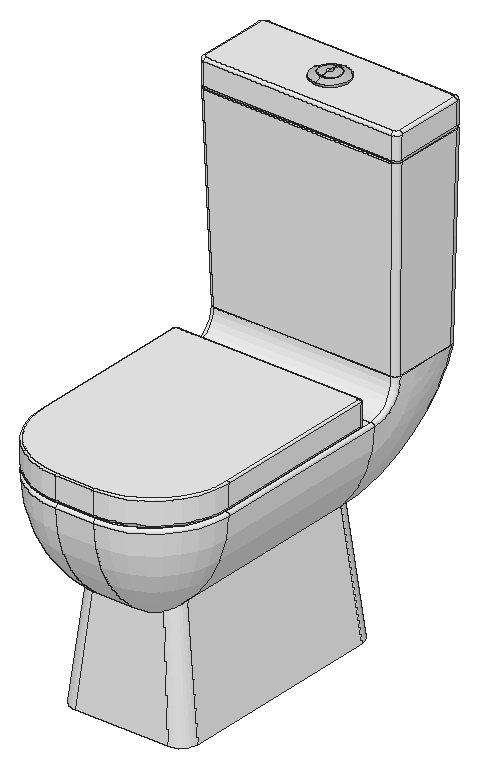
Revit family
Parameters
  Width = 358 mm  # constant formula
  Waste Connection Radius = Waste Connection Diameter / 2  # 51 mm
  Waste Connection = 1 = 1  # yes
  Vent Connection = 1 = 0  # no
  URL = "www.vaalsan.co.za"
  Seat Finish = Plastic-Vaal-White
  Product Code = "773862WH"
  Omniclass Title = "Water Operated Water Closets"
  Omniclass Number = "23.45.05.21.11.11"
  Model = "Concorde 2 Close Coupled Suite"
  Manufacturer = "Vaal Sanitaryware"  # constant formula
  Length = 645 mm  # constant formula
  Height of Pan = 393 mm  # constant formula
  Height = 845 mm  # constant formula
  HW Connection = 1 = 0  # no
  Family created by = "www.rbuiltcomponents.com"
  Cold Water Connection Diameter = 10 mm  # constant formula
  Waste Connection Diameter = 102 mm  # constant formula
  Clearance From Wall = 10 mm
  CW Connection Radius = Cold Water Connection Diameter / 2  # 5 mm
  CW Connection = 1 = 1  # yes
  Body Finish = Vitreous China-Vaal-White
  Assembly Code = "D2010110"
Reference planes
  plane 1 "Back": y = 0
  plane 2 "Bottom": z = 0
  plane 3 "Center (Left/Right)": x = 0
  plane 4: x = -179
  plane 5: x = 179
  plane 6 "Top": z = 845
  plane 7 "Pan Top": z = 393
  plane 8: x = 112.5
  plane 9: x = -112.5
  plane 10 "WC Back": y = -10
  plane 11 "Front": y = -655
  plane 12: y = -550
  plane 13: y = -153
Forms (mm)
  Blend 1, solid, material "Vitreous China-Vaal-White" <- "Body Finish"
    base sketch origin (0, 0, 0) x (1, 0, 0) y (0, 1, 0)
      loop
        arc (-82.5, -121.5) -> (-103.713, -130.287) -> (-112.5, -151.5) r 30
        line (-112.5, -151.5) -> (-112.5, -520)
        arc (-112.5, -520) -> (-103.713, -541.213) -> (-82.5, -550) r 30
        line (-82.5, -550) -> (82.5, -550)
        arc (82.5, -550) -> (103.713, -541.213) -> (112.5, -520) r 30
        line (112.5, -520) -> (112.5, -151.5)
        arc (112.5, -151.5) -> (103.713, -130.287) -> (82.5, -121.5) r 30
        line (82.5, -121.5) -> (-82.5, -121.5)
    top sketch origin (0, 0, 0) x (1, 0, 0) y (0, 1, 0)
      loop
        arc (-61, -139.5) -> (-78.678, -146.822) -> (-86, -164.5) r 25
        line (-86, -164.5) -> (-86, -508)
        arc (-86, -508) -> (-78.678, -525.678) -> (-61, -533) r 25
        line (-61, -533) -> (61, -533)
        arc (61, -533) -> (78.678, -525.678) -> (86, -508) r 25
        line (86, -508) -> (86, -164.5)
        arc (86, -164.5) -> (78.678, -146.822) -> (61, -139.5) r 25
        line (61, -139.5) -> (-61, -139.5)
    from 0 to 220
  Sweep 2, solid, material "Vitreous China-Vaal-White" <- "Body Finish"
    path origin (0, 0, 393) x (-1, 0, 0) y (0, -1, 0)
      loop
        line (169, 193) -> (169, 520)
        arc (169, 520) -> (129.459, 615.459) -> (34, 655) r 135
        line (34, 655) -> (-34, 655)
        arc (-34, 655) -> (-129.459, 615.459) -> (-169, 520) r 135
        line (-169, 520) -> (-169, 193)
    profile origin (0, -655, 393) x (0, 1, 0) y (0, 0, 1)
      loop
        arc (0.051, -5.889) -> (34.539, -120.321) -> (123.081, -200.599) r 223.393
        line (123.081, -200.599) -> (131.146, -182.265)
        arc (131.146, -182.265) -> (49.738, -106.887) -> (20, 0) r 203.393
        line (20, 0) -> (5.812, 0)
        arc (5.812, 0) -> (1.693, -1.733) -> (0.051, -5.889) r 5.762
  SweptBlend 3, solid, material "Vitreous China-Vaal-White" <- "Body Finish"
    path origin (0, 0, 0) x (0, 1, 0) y (0, 0, 1)
      loop
        arc (-193, 393) -> (-157.645, 407.645) -> (-143, 443) r 50
    profile origin (0, -193, 393) x (0, 0, 1) y (1, 0, 0)
      loop
        arc (-177.373, 82.702) -> (-186.756, 65.344) -> (-190, 45.881) r 60
        line (-190, 45.881) -> (-190, -45.881)
        arc (-190, -45.881) -> (-186.756, -65.344) -> (-177.373, -82.702) r 60
        arc (-177.373, -82.702) -> (-101.366, -145.183) -> (-5.889, -168.949) r 223.393
        arc (-5.889, -168.949) -> (-1.733, -167.307) -> (0, -163.188) r 5.762
        line (0, -163.188) -> (0, 163.188)
        arc (0, 163.188) -> (-1.733, 167.307) -> (-5.889, 168.949) r 5.762
        arc (-5.889, 168.949) -> (-101.366, 145.183) -> (-177.373, 82.702) r 223.393
    end profile origin (0, -143, 443) x (0, -1, 0) y (1, 0, 0)
      loop
        line (0, -158.95) -> (0, 158.95)
        arc (0, 158.95) -> (-2.929, 166.021) -> (-10, 168.95) r 10
        line (-10, 168.95) -> (-123, 168.95)
        arc (-123, 168.95) -> (-130.071, 166.021) -> (-133, 158.95) r 10
        line (-133, 158.95) -> (-133, -158.95)
        arc (-133, -158.95) -> (-130.071, -166.021) -> (-123, -168.95) r 10
        line (-123, -168.95) -> (-10, -168.95)
        arc (-10, -168.95) -> (-2.929, -166.021) -> (0, -158.95) r 10
  Extrusion 4, solid, material "Vitreous China-Vaal-White" <- "Body Finish"
    sketch origin (0, 0, 393) x (-1, 0, 0) y (0, -1, 0)
      loop
        line (149, 193.007) -> (149, 243.007) -> (-149, 243.007) -> (-149, 193.007) -> (149, 193.007)
    from 0 to -20
  Blend 5, solid, material "Vitreous China-Vaal-White" <- "Body Finish"
    base sketch origin (0, 0, 393) x (-1, 0, 0) y (0, -1, 0)
      loop
        line (168.95, 20) -> (168.95, 133)
        arc (168.95, 133) -> (166.021, 140.071) -> (158.95, 143) r 10.001
        line (158.95, 143) -> (-158.95, 143)
        arc (-158.95, 143) -> (-166.021, 140.071) -> (-168.95, 133) r 10.001
        line (-168.95, 133) -> (-168.95, 20)
        arc (-168.95, 20) -> (-166.021, 12.929) -> (-158.95, 10) r 10
        line (-158.95, 10) -> (158.95, 10)
        arc (158.95, 10) -> (166.021, 12.929) -> (168.95, 20) r 10
    top sketch origin (0, 0, 393) x (-1, 0, 0) y (0, -1, 0)
      loop
        arc (169, 10) -> (176.071, 12.929) -> (179, 20) r 10
        line (179, 20) -> (179, 143)
        arc (179, 143) -> (176.071, 150.071) -> (169, 153) r 10
        line (169, 153) -> (-169, 153)
        arc (-169, 153) -> (-176.071, 150.071) -> (-179, 143) r 10
        line (-179, 143) -> (-179, 20)
        arc (-179, 20) -> (-176.071, 12.929) -> (-169, 10) r 10
        line (-169, 10) -> (169, 10)
    from 52 to 402
  Extrusion 6, solid, material "Vitreous China-Vaal-White" <- "Body Finish"
    sketch origin (0, 0, 845) x (-1, 0, 0) y (0, -1, 0)
      loop
        arc (169, 10) -> (176.071, 12.929) -> (179, 20) r 10
        line (179, 20) -> (179, 143)
        arc (179, 143) -> (176.071, 150.071) -> (169, 153) r 10
        line (169, 153) -> (-169, 153)
        arc (-169, 153) -> (-176.071, 150.071) -> (-179, 143) r 10
        line (-179, 143) -> (-179, 20)
        arc (-179, 20) -> (-176.071, 12.929) -> (-169, 10) r 10
        line (-169, 10) -> (169, 10)
    from 0 to -50
  Sweep 7, void
    path in 3D
      loop
        arc (-169, -10, 845) -> (-176.071, -12.929, 845) -> (-179, -20, 845) r 10
        line (-179, -20, 845) -> (-179, -143, 845)
        arc (-179, -143, 845) -> (-176.071, -150.071, 845) -> (-169, -153, 845) r 10
        line (-169, -153, 845) -> (169, -153, 845)
        arc (169, -153, 845) -> (176.071, -150.071, 845) -> (179, -143, 845) r 10
        line (179, -143, 845) -> (179, -20, 845)
        arc (179, -20, 845) -> (176.071, -12.929, 845) -> (169, -10, 845) r 10
        line (169, -10, 845) -> (-169, -10, 845)
    profile origin (0, -10, 845) x (0, -1, 0) y (0, 0, 1)
      loop
        line (5, 0) -> (-5, 0) -> (-5, -50) -> (5, -50)
        arc (5, -50) -> (1.464, -48.536) -> (0, -45) r 5
        line (0, -45) -> (0, -5)
        arc (0, -5) -> (1.464, -1.464) -> (5, 0) r 5
  Extrusion 8, solid, material "Plastic-Vaal-White" <- "Seat Finish"
    sketch origin (0, 0, 393) x (-1, 0, 0) y (0, -1, 0)
      loop
        arc (163.95, 218) -> (167.485, 219.464) -> (168.95, 223) r 5
        line (168.95, 223) -> (168.95, 520)
        arc (168.95, 520) -> (129.409, 615.459) -> (33.95, 655) r 135
        line (33.95, 655) -> (-33.95, 655)
        arc (-33.95, 655) -> (-129.409, 615.459) -> (-168.95, 520) r 135
        line (-168.95, 520) -> (-168.95, 223)
        arc (-168.95, 223) -> (-167.485, 219.464) -> (-163.95, 218) r 5
        line (-163.95, 218) -> (163.95, 218)
    from 5.477 to 50
  Sweep 9, void
    path in 3D
      loop
        arc (-163.95, -218, 443) -> (-167.485, -219.464, 443) -> (-168.95, -223, 443) r 5
        line (-168.95, -223, 443) -> (-168.95, -520, 443)
        arc (-168.95, -520, 443) -> (-129.409, -615.459, 443) -> (-33.95, -655, 443) r 135
        line (-33.95, -655, 443) -> (33.95, -655, 443)
        arc (33.95, -655, 443) -> (129.409, -615.459, 443) -> (168.95, -520, 443) r 135
        line (168.95, -520, 443) -> (168.95, -223, 443)
        arc (168.95, -223, 443) -> (167.485, -219.464, 443) -> (163.95, -218, 443) r 5
        line (163.95, -218, 443) -> (-163.95, -218, 443)
    profile origin (0, -218, 443) x (0, -1, 0) y (0, 0, 1)
      loop
        arc (0, -2.968) -> (0.869, -0.869) -> (2.968, 0) r 2.968
        line (2.968, 0) -> (-2.181, 0) -> (-2.181, -44.523) -> (2.007, -44.523)
        arc (2.007, -44.523) -> (0.588, -43.936) -> (0, -42.517) r 2.007
        line (0, -42.517) -> (0, -2.968)
  Revolve 10, solid, material "Chrome"
    sketch origin (0, 0, 0) x (0, 1, 0) y (0, 0, 1)
      loop
        line (-81, 845) -> (-81, 855)
        arc (-81, 855) -> (-97.471, 852.92) -> (-112.908, 846.81) r 66.25
        arc (-112.908, 846.81) -> (-113.378, 845.725) -> (-112.444, 845) r 0.964
        line (-112.444, 845) -> (-81, 845)
      axis (-81, 845) -> (-81, 855)
    angle from 0 to 360
  Extrusion 11, void
    sketch origin (0, 0, 845) x (-1, 0, 0) y (0, -1, 0)
      loop
        circle (0, 81) r 20
      loop
        arc (0.8, 62.517) -> (18.5, 81) -> (0.8, 99.483) r 18.5
        line (0.8, 99.483) -> (0.8, 62.517)
      loop
        line (-0.8, 62.517) -> (-0.8, 99.483)
        arc (-0.8, 99.483) -> (-18.5, 81) -> (-0.8, 62.517) r 18.5
    from 5 to 15
  Extrusion 12, void
    sketch origin (0, -10, 0) x (1, 0, 0) y (0, 0, 1)
      loop
        circle (0, 195) r 45
    from 0 to -5
Cuts and joins
  joined: Blend 1, Sweep 2
  Sweep 9, Extrusion 12 cuts SweptBlend 3
  Sweep 9, Extrusion 12 cuts Extrusion 4
  joined: SweptBlend 3, Extrusion 4
  Sweep 7 cuts Blend 5
  Sweep 7 cuts Extrusion 6
  Sweep 9 cuts Extrusion 8
  Extrusion 11 cuts Revolve 10
Lines and regions (mm)
  Masking region 1
    outline origin (0, 0, 0) x (1, 0, 0) y (0, 1, 0)
      loop
        line (-179, -10) -> (-179, -153) -> (-169, -153) -> (-169, -555)
        arc (-169, -555) -> (-139.711, -625.711) -> (-69, -655) r 100
        line (-69, -655) -> (69, -655)
        arc (69, -655) -> (139.711, -625.711) -> (169, -555) r 100
        line (169, -555) -> (169, -153) -> (179, -153) -> (179, -10) -> (-179, -10)
  Masking region 2
    outline origin (0, -10, 0) x (1, 0, 0) y (0, 0, 1)
      loop
        line (-179, 845) -> (-168.949, 444.952) -> (-168.949, 387.111)
        arc (-168.949, 387.111) -> (-146.174, 293.629) -> (-86.193, 218.397) r 223.393
        line (-86.193, 218.397) -> (-112.5, 0) -> (112.5, 0) -> (86.193, 218.397)
        arc (86.193, 218.397) -> (146.174, 293.629) -> (168.949, 387.111) r 223.393
        line (168.949, 387.111) -> (168.949, 444.952) -> (179, 845) -> (-179, 845)
  Masking region 3
    outline origin (0, 0, 0) x (0, 1, 0) y (0, 0, 1)
      loop
        line (-10, 845) -> (-153, 845) -> (-141.556, 444.444)
        arc (-141.556, 444.444) -> (-156.623, 408.068) -> (-193, 393) r 51.444
        line (-193, 393) -> (-218, 393) -> (-218, 443) -> (-655, 443) -> (-655, 393)
        arc (-655, 393) -> (-626.783, 293.437) -> (-550.525, 223.484) r 189.762
        arc (-550.525, 223.484) -> (-537.848, 211.369) -> (-534.108, 194.238) r 30
        line (-534.108, 194.238) -> (-550, 0) -> (-121.5, 0) -> (-136.48, 183.093)
        arc (-136.48, 183.093) -> (-131.845, 217.189) -> (-113.315, 246.185) r 80
        line (-113.315, 246.185) -> (-22.868, 353.976)
        arc (-22.868, 353.976) -> (-13.317, 370.518) -> (-10, 389.329) r 55
        line (-10, 389.329) -> (-10, 845)
  sketch lines
    curve 1: line (169, -10, 845) -> (-169, -10, 845)
    curve 2: arc (-179, -20, 845) -> (-176.071, -12.929, 845) -> (-169, -10, 845) r 10
    curve 3: line (-179, -20, 845) -> (-179, -143, 845)
    curve 4: arc (-169, -153, 845) -> (-176.071, -150.071, 845) -> (-179, -143, 845) r 10
    curve 5: line (-169, -153, 845) -> (169, -153, 845)
    curve 6: arc (179, -143, 845) -> (176.071, -150.071, 845) -> (169, -153, 845) r 10
    curve 7: line (179, -143, 845) -> (179, -20, 845)
    curve 8: arc (169, -10, 845) -> (176.071, -12.929, 845) -> (179, -20, 845) r 10
    curve 9: line (163.95, -218, 443) -> (-163.95, -218, 443)
    curve 10: arc (-168.95, -223, 443) -> (-167.485, -219.464, 443) -> (-163.95, -218, 443) r 5
    curve 11: line (-168.95, -223, 443) -> (-168.95, -520, 443)
    curve 12: arc (-33.95, -655, 443) -> (-129.409, -615.459, 443) -> (-168.95, -520, 443) r 135
    curve 13: line (-33.95, -655, 443) -> (33.95, -655, 443)
    curve 14: arc (168.95, -520, 443) -> (129.409, -615.459, 443) -> (33.95, -655, 443) r 135
    curve 15: line (168.95, -520, 443) -> (168.95, -223, 443)
    curve 16: arc (163.95, -218, 443) -> (167.485, -219.464, 443) -> (168.95, -223, 443) r 5
  symbolic lines, style "Water Closet"
    curve 17: line (-169, -153, 0) -> (168.949, -153, 0)
    curve 20: line (-168.95, -10, 443) -> (168.949, -10, 443)
    curve 27: line (0, -218, 393) -> (0, -655, 393)
  symbolic lines, style "Water Closet", detail levels fine
    curve 18: line (-168.95, -193, 0) -> (168.95, -193, 0)
    curve 19: circle (0.8, -81, 0) r 35 normal (0, 0, 1)
    curve 21: line (-168.949, -10, 393) -> (168.949, -10, 393)
    curve 22: line (-45.881, -10, 203) -> (45.881, -10, 203)
    curve 23: arc (45.881, -10, 203) -> (65.344, -10, 206.244) -> (82.702, -10, 215.627) r 60
    curve 24: arc (-82.702, -10, 215.627) -> (-65.344, -10, 206.244) -> (-45.881, -10, 203) r 60
    curve 25: line (179, -10, 795) -> (-179, -10, 795)
    curve 26: arc (-35, -10, 845) -> (0, -10, 855) -> (35, -10, 845) r 66.25
    curve 28: line (0, -10, 795) -> (0, -153, 795)
    curve 29: line (0, -218, 400) -> (0, -655, 400)
    curve 30: line (0, -143, 445) -> (0, -10, 445)
    curve 31: line (0, -193, 218.397) -> (0, -508.087, 218.397)
    curve 32: arc (0, -45, 845) -> (0, -80, 855.003) -> (0, -115, 845) r 66.235
Dimensions and locks
  locked: plane 6 "Top" to plane 2 "Bottom" at 845
  locked: plane 7 "Pan Top" to plane 2 "Bottom" at 393
  "Clearance From Wall": plane 10 "WC Back" to plane 1 "Back"
  locked: plane 11 "Front" to plane 10 "WC Back" at 645
  locked: plane 12 to plane 10 "WC Back" at 540
  locked: plane 13 to plane 10 "WC Back" at 143
  equal spacing: plane 4, plane 3 "Center (Left/Right)", plane 5
  locked: plane 4 to plane 5 at 358
  equal spacing: plane 9, plane 3 "Center (Left/Right)", plane 8
  locked: plane 9 to plane 8 at 225
  locked: plane 13 to Blend 1 sketch curve at 31.5
  Blend 1 to plane 2 "Bottom" = 220 mm
  locked: plane 4 to Sweep 2 sketch curve at 10
  locked: Sweep 2 sketch curve to plane 5 at 10
  SweptBlend 3 sketch curve to profile plane = 0 mm
  locked: Blend 5 to plane 7 "Pan Top" at 52
  locked: plane 6 "Top" to Blend 5 at 50
  locked: cut or joined group of Blend 1, Sweep 2 to plane 2 "Bottom" at 220
  locked: Extrusion 4 sketch curve to plane 13 at 40.007
  locked: Extrusion 4 sketch curve to Extrusion 4 sketch curve at 50
  locked: plane 6 "Top" to Extrusion 6 at 50
  Extrusion 8 sketch curve to plane 3 "Center (Left/Right)" to Extrusion 8 sketch curve = 168.95 mm locked, 168.95 mm locked
  locked: Extrusion 8 sketch curve to plane 13 at 65
  Extrusion 8 to Extrusion 8 to plane 7 "Pan Top" = 44.523 mm locked, 5.477 mm locked
  locked: plane 10 "WC Back" to Revolve 10 sketch curve at 71
  locked: Revolve 10 sketch curve to plane 6 "Top" at 10
  locked: plane 13 to Extrusion 11 sketch curve at 72
  locked: connector elem to plane 2 "Bottom" at 195  (x2)
  plane 3 "Center (Left/Right)" to connector elem = 150 mm
  Masking region 1 sketch curve to plane 3 "Center (Left/Right)" to Masking region 1 sketch curve = 169 mm locked, 169 mm locked
  locked: connector elem to plane 3 "Center (Left/Right)" at 0  (x2)
  locked: plane 10 "WC Back" to Revolve 10 sketch curve at 103.408
  aligned and locked: plane 9 to Blend 1 sketch curve
  aligned and locked: Blend 1 sketch curve to plane 8
  aligned and locked: Blend 1 sketch curve to plane 12
  aligned and locked: Blend 1 to plane 2 "Bottom"
  aligned and locked: plane 11 "Front" to Sweep 2 sketch curve
  aligned and locked: plane 10 "WC Back" to Blend 5 sketch curve
  aligned and locked: Blend 5 sketch curve to plane 5
  aligned and locked: plane 10 "WC Back" to Extrusion 6 sketch curve
  aligned and locked: Extrusion 6 sketch curve to plane 5
  aligned and locked: Extrusion 6 to Sweep 7 sketch curve
  aligned and locked: Sweep 7 sketch curve to Extrusion 6
  aligned and locked: cut or joined group of Blend 1, Sweep 2 to plane 2 "Bottom"
  aligned and locked: plane 6 "Top" to Extrusion 6
  aligned and locked: Extrusion 8 sketch curve to plane 11 "Front"
  aligned and locked: Revolve 10 sketch curve to plane 6 "Top"
  aligned and locked: plane 4 to Masking region 1 sketch curve
  aligned and locked: plane 10 "WC Back" to Masking region 1 sketch curve
  aligned and locked: plane 13 to Masking region 1 sketch curve
  aligned and locked: Masking region 1 sketch curve to plane 5
  aligned and locked: Masking region 1 sketch curve to plane 11 "Front"
  aligned and locked: curve 17 to Masking region 1
  aligned and locked: cut or joined group of SweptBlend 3, Extrusion 4, Sweep 9, Extrusion 12 to curve 17
  aligned and locked: curve 17 to cut or joined group of Blend 5, Sweep 7
  aligned and locked: curve 18 to cut or joined group of Blend 1, Sweep 2
  aligned and locked: plane 4 to Masking region 2 sketch curve
  aligned and locked: Masking region 2 sketch curve to plane 6 "Top"
  aligned and locked: plane 5 to Masking region 2 sketch curve
  aligned and locked: Masking region 2 sketch curve to cut or joined group of Blend 1, Sweep 2  (x4)
  aligned and locked: Masking region 2 sketch curve to cut or joined group of SweptBlend 3, Extrusion 4, Sweep 9, Extrusion 12
  aligned and locked: curve 23 to cut or joined group of SweptBlend 3, Extrusion 4, Sweep 9, Extrusion 12
  aligned and locked: curve 24 to cut or joined group of SweptBlend 3, Extrusion 4, Sweep 9, Extrusion 12
  aligned and locked: plane 6 "Top" to Masking region 3 sketch curve
  aligned and locked: plane 10 "WC Back" to Masking region 3 sketch curve
  aligned and locked: Masking region 3 sketch curve to cut or joined group of SweptBlend 3, Extrusion 4, Sweep 9, Extrusion 12
  aligned and locked: Masking region 3 sketch curve to cut or joined group of Blend 1, Sweep 2  (x3)
  aligned and locked: curve 27 to Masking region 3
  aligned and locked: Masking region 3 to curve 27
  aligned and locked: curve 28 to cut or joined group of Blend 5, Sweep 7
  aligned and locked: curve 30 to cut or joined group of Blend 5, Sweep 7
  aligned and locked: curve 31 to cut or joined group of Blend 1, Sweep 2
  aligned and locked: Extrusion 4 sketch curve to cut or joined group of Blend 1, Sweep 2
  aligned and locked: cut or joined group of Blend 1, Sweep 2 to Extrusion 4 sketch curve
Automatic sketch dimensions
  plane 9 to Blend 1 sketch curve = 30 mm
  Blend 1 sketch curve to plane 8 = 30 mm  (x2)
  Blend 1 sketch curve to plane 13 = 1.5 mm
  Blend 1 sketch curve to plane 13 = 13.5 mm
  plane 9 to Blend 1 sketch curve = 26.5 mm
  Blend 1 sketch curve to Blend 1 sketch curve = 25 mm  (x2)
  Blend 1 sketch curve to plane 8 = 51.5 mm  (x2)
  plane 13 to Blend 1 sketch curve = 11.5 mm
  Blend 1 sketch curve to plane 12 = 42 mm
  Sweep 2 sketch curve to plane 8 = 78.5 mm
  plane 9 to Sweep 2 sketch curve = 78.5 mm
  Sweep 2 sketch curve to Sweep 2 sketch curve = 0 mm  (x3)
  Sweep 2 sketch curve to plane 7 "Pan Top" = 0 mm
  Sweep 2 sketch curve to profile plane = 0.051 mm
  Sweep 2 sketch curve to profile plane = 5.812 mm
  Sweep 2 sketch curve to profile plane = 123.081 mm
  Sweep 2 sketch curve to Sweep 2 sketch curve = 8.065 mm
  Sweep 2 sketch curve to plane 7 "Pan Top" = 0.993 mm
  plane 13 to Sweep 2 sketch curve = 40 mm  (x2)
  SweptBlend 3 sketch curve to plane 13 = 10 mm
  SweptBlend 3 sketch curve to plane 7 "Pan Top" = 0 mm
  plane 13 to SweptBlend 3 sketch curve = 40 mm
  SweptBlend 3 sketch curve to SweptBlend 3 sketch curve = 10 mm  (x3)
  SweptBlend 3 sketch curve to SweptBlend 3 sketch curve = 113 mm  (x2)
  SweptBlend 3 sketch curve to plane 3 "Center (Left/Right)" = 168.95 mm
  plane 3 "Center (Left/Right)" to SweptBlend 3 sketch curve = 158.95 mm
  SweptBlend 3 sketch curve to profile plane = 0 mm
  profile plane to SweptBlend 3 sketch curve = 0.993 mm  (x2)
  SweptBlend 3 sketch curve to SweptBlend 3 sketch curve = 5.762 mm  (x2)
  SweptBlend 3 sketch curve to SweptBlend 3 sketch curve = 0.126 mm  (x2)
  SweptBlend 3 sketch curve to SweptBlend 3 sketch curve = 0 mm  (x4)
  SweptBlend 3 sketch curve to plane 3 "Center (Left/Right)" = 45.881 mm
  SweptBlend 3 sketch curve to SweptBlend 3 sketch curve = 129.007 mm
  plane 3 "Center (Left/Right)" to SweptBlend 3 sketch curve = 45.881 mm
  SweptBlend 3 sketch curve to SweptBlend 3 sketch curve = 47.373 mm  (x2)
  Blend 5 sketch curve to plane 10 "WC Back" = 0 mm
  Blend 5 sketch curve to plane 5 = 10.05 mm
  Blend 5 sketch curve to Blend 5 sketch curve = 0 mm  (x7)
  Blend 5 sketch curve to Blend 5 sketch curve = 10 mm  (x2)
  Blend 5 sketch curve to Blend 5 sketch curve = 10.001 mm  (x2)
  plane 4 to Blend 5 sketch curve = 20.051 mm
  Blend 5 sketch curve to Blend 5 sketch curve = 0.001 mm  (x3)
  plane 4 to Blend 5 sketch curve = 20.05 mm
  Blend 5 sketch curve to plane 13 = 20.001 mm  (x2)
  Blend 5 sketch curve to plane 13 = 0 mm
  Blend 5 sketch curve to plane 4 = 0 mm
  Blend 5 sketch curve to plane 5 = 10 mm  (x2)
  plane 4 to Blend 5 sketch curve = 10 mm  (x2)
  Extrusion 6 sketch curve to plane 13 = 0 mm
  Extrusion 6 sketch curve to plane 4 = 0 mm
  Extrusion 6 sketch curve to plane 5 = 10 mm  (x2)
  Extrusion 6 sketch curve to Extrusion 6 sketch curve = 10 mm
  plane 4 to Extrusion 6 sketch curve = 10 mm
  Sweep 7 sketch curve to profile plane = 0 mm  (x2)
  profile plane to Sweep 7 sketch curve = 5 mm
  Sweep 7 sketch curve to profile plane = 5 mm  (x2)
  Sweep 7 sketch curve to Sweep 7 sketch curve = 0 mm  (x2)
  Sweep 7 sketch curve to Sweep 7 sketch curve = 5 mm
  Extrusion 8 sketch curve to Extrusion 8 sketch curve = 5 mm  (x2)
  plane 3 "Center (Left/Right)" to Extrusion 8 sketch curve = 33.95 mm
  Extrusion 8 sketch curve to plane 3 "Center (Left/Right)" = 33.95 mm
  Sweep 9 sketch curve to profile plane = 0 mm  (x3)
  Sweep 9 sketch curve to profile plane = 2.007 mm
  Sweep 9 sketch curve to Sweep 9 sketch curve = 0 mm  (x3)
  profile plane to Sweep 9 sketch curve = 2.181 mm
  Sweep 9 sketch curve to Sweep 9 sketch curve = 39.548 mm
  Sweep 9 sketch curve to profile plane = 2.968 mm
  Revolve 10 sketch curve to plane 6 "Top" = 0 mm
  Revolve 10 sketch curve to Revolve 10 sketch curve = 0 mm  (x3)
  Revolve 10 sketch curve to Revolve 10 sketch curve = 0.465 mm
  Extrusion 11 sketch curve to Extrusion 11 sketch curve = 0 mm  (x6)
  Extrusion 11 sketch curve to plane 3 "Center (Left/Right)" = 0 mm
  plane 3 "Center (Left/Right)" to Extrusion 11 sketch curve = 0.8 mm
  Extrusion 11 sketch curve to plane 3 "Center (Left/Right)" = 0.8 mm
  Extrusion 11 sketch curve to Extrusion 11 sketch curve = 18.483 mm
  Masking region 1 sketch curve to plane 13 = 0 mm
  plane 12 to Masking region 1 sketch curve = 5 mm  (x2)
  plane 4 to curve 18 = 10.05 mm
  plane 3 "Center (Left/Right)" to curve 19 = 0.8 mm
  curve 18 to plane 5 = 10.05 mm
  plane 10 "WC Back" to curve 19 = 71 mm
  Masking region 3 sketch curve to plane 7 "Pan Top" = 0 mm
  Masking region 3 sketch curve to plane 11 "Front" = 0 mm
  Masking region 3 sketch curve to plane 12 = 0 mm
  Masking region 3 sketch curve to plane 13 = 0 mm
  plane 12 to Masking region 3 sketch curve = 14.008 mm
  plane 12 to Masking region 3 sketch curve = 0.525 mm
  Masking region 3 sketch curve to Masking region 3 sketch curve = 0 mm
  Masking region 3 sketch curve to plane 12 = 15.892 mm
  Masking region 3 sketch curve to Masking region 3 sketch curve = 85.287 mm
  Masking region 3 sketch curve to Masking region 3 sketch curve = 25 mm
  Masking region 3 sketch curve to plane 13 = 11.444 mm
  Masking region 3 sketch curve to plane 13 = 16.52 mm
  Masking region 3 sketch curve to plane 13 = 39.685 mm
  Masking region 3 sketch curve to plane 7 "Pan Top" = 3.671 mm
  Masking region 3 sketch curve to Masking region 3 sketch curve = 55 mm
  plane 10 "WC Back" to Masking region 3 sketch curve = 46.747 mm
  plane 10 "WC Back" to Masking region 3 sketch curve = 12.868 mm
  Masking region 3 sketch curve to Masking region 3 sketch curve = 6.524 mm
  plane 7 "Pan Top" to Masking region 3 sketch curve = 50 mm
  curve 27 to plane 11 "Front" = 0 mm
  curve 29 to plane 11 "Front" = 0 mm
  curve 28 to plane 13 = 0 mm
  curve 32 to plane 6 "Top" = 0 mm  (x2)
  curve 28 to plane 10 "WC Back" = 0 mm
  curve 30 to plane 10 "WC Back" = 0 mm
  curve 31 to plane 12 = 41.913 mm
  curve 29 to curve 27 = 0 mm
  plane 13 to curve 31 = 40 mm
  curve 30 to plane 13 = 10 mm
  curve 32 to plane 13 = 38 mm
  curve 32 to curve 32 = 35 mm
  curve 27 to curve 29 = 7 mm
  curve 32 to plane 6 "Top" = 56.232 mm
  Sweep 2 sketch curve to Sweep 2 sketch curve = 14.188 mm
  Sweep 2 sketch curve to Sweep 2 sketch curve = 18.333 mm
  curve 21 to plane 7 "Pan Top" = 0 mm
  plane 4 to curve 21 = 10.051 mm
  plane 4 to curve 20 = 10.05 mm
  curve 23 to plane 8 = 29.798 mm
  curve 20 to plane 5 = 10.051 mm
  curve 21 to plane 5 = 10.051 mm
  plane 7 "Pan Top" to curve 20 = 50 mm
  plane 9 to curve 24 = 29.798 mm
  curve 25 to plane 4 = 0 mm
  curve 26 to plane 6 "Top" = 0 mm  (x2)
  curve 26 to plane 3 "Center (Left/Right)" = 0 mm
  curve 25 to plane 5 = 0 mm
  curve 26 to plane 3 "Center (Left/Right)" = 35 mm
  curve 26 to plane 6 "Top" = 56.25 mm
  curve 25 to plane 6 "Top" = 50 mm
  Masking region 2 sketch curve to plane 8 = 0 mm
  Masking region 2 sketch curve to plane 8 = 26.307 mm
  Masking region 2 sketch curve to plane 5 = 10.051 mm
  plane 7 "Pan Top" to Masking region 2 sketch curve = 51.952 mm  (x2)
  Extrusion 12 sketch curve to plane 3 "Center (Left/Right)" = 0 mm
  level to Extrusion 12 sketch curve = 195 mm
  radius of Extrusion 11 sketch curve = 20 mm
  radius of curve 19 = 35 mm
  radius of Extrusion 12 sketch curve = 45 mm
Connectors
  piping at (-150, -10, 195), driven by "CW Connection Radius"
    settings: on Blend 5, index 2
  piping at (0, -5, 195), driven by "Waste Connection Radius"
    settings: on Extrusion 12, index 3
